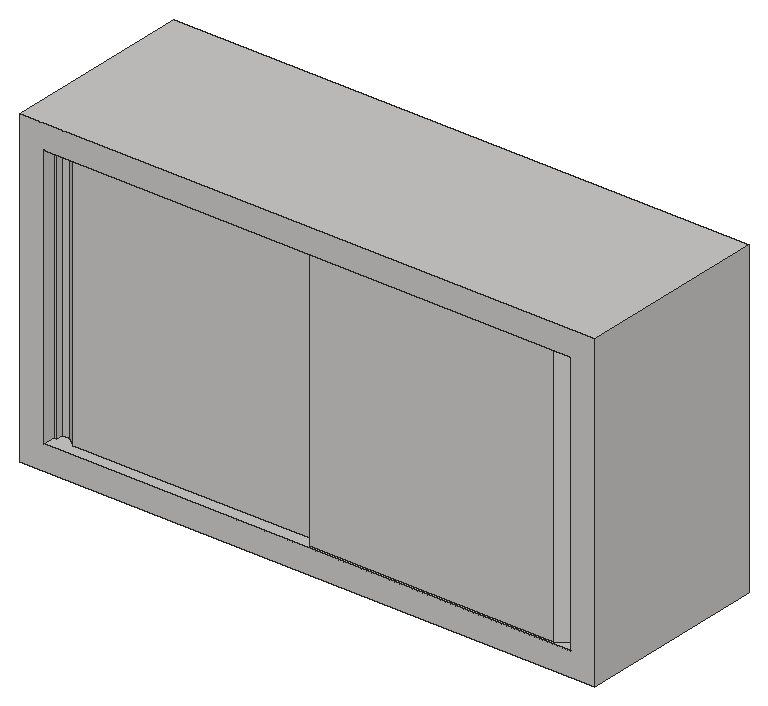
Revit family "QF_ELECTROLUXPROFESSIONAL_132831_PS1200LCN", category Specialty Equipment, Revit 2018
Family settings
  Round Connector Dimension = Use Diameter
  Part Type = Normal
  Work Plane-Based = No
  Always vertical = Yes
  Cut with Voids When Loaded = No
  Shared = No
  Room Calculation Point = No
Parameters
  Weight = 0.00 kg
  Watts = 0 W
  Volts = 0 V
  URL Manufacturer = ""
  Steam Supply Size = 0 mm
  Steam Supply Minimum Pressure = 0.0 Pa
  Steam Supply Maximum Pressure = 0.0 Pa
  Steam Pounds per Hour = 0
  Refrigeration Suction Line Size = 0 mm
  Refrigeration Liquid Line Size = 0 mm
  Refrigerant Compressor Remote = yes
  Phase = 0
  Length Actual = 0 mm
  Item Number = ""
  Hot Water Size = 0 mm
  Height Actual = 0 mm
  HP = ""
  Gas Size = 0 mm
  Gas KW = 0
  Gas Input Pressure = 0 W
  Direct Waste Size = 0 mm
  Depth Actual = 0 mm
  Cycle = 0 Hz
  Condensate Return Size = 0 mm
  Compressed Air Volume = 0.0 L/s
  Compressed Air Size = 0 mm
  Compressed Air Pressure = 0.0 Pa
  Cold Water Size = 0 mm
  Accessory = yes
Reference planes
  plane 1 "Center (Front/Back)": y = 0
  plane 2: z = 0
  plane 3 "Center (Left/Right)": x = 0
  plane 4: y = 200
  plane 5 "Left": x = -600
  plane 6 "Right": x = 600
  plane 7: y = -200
  plane 8: y = -154.5
  plane 9: z = 2200
  plane 10: z = 1550
  plane 11: y = 150
Forms (mm)
  Extrusion 1, solid, material "QF_Finishes_Stainless Steel"
    sketch origin (0, 0, 0) x (1, 0, 0) y (0, 1, 0)
      loop
        line (-600, 200) -> (-600, -200) -> (600, -200) -> (600, 200) -> (-600, 200)
    from 1550 to 2200
  Extrusion 2, void
    sketch origin (500, -154.5, 0) x (1, 0, 0) y (0, 0, -1)
      loop
        line (-1050, -2150) -> (50, -2150) -> (50, -1600) -> (-1050, -1600) -> (-1050, -2150)
    from -45.5 to 304.5
Cuts and joins
  Extrusion 2 cuts Extrusion 1
Lines and regions (mm)
  symbolic lines
    curve 1: line (-600, 200, 0) -> (600, 200, 0)
    curve 2: line (-600, -200, 0) -> (-600, 200, 0)
    curve 3: line (600, -200, 0) -> (-600, -200, 0)
    curve 4: line (600, 200, 0) -> (600, -200, 0)
    curve 5: line (-600, 200, 0) -> (600, -200, 0)
    curve 6: line (-600, -200, 0) -> (600, 200, 0)
Dimensions and locks
  equal spacing: plane 5 "Left", plane 3 "Center (Left/Right)", plane 6 "Right"
  equal spacing: plane 4, plane 1 "Center (Front/Back)", plane 7
  plane 8 to plane 7 = 45.5 mm
  plane 10 to level = 1550 mm
  plane 3 "Center (Left/Right)" to plane 6 "Right" = 600 mm
  plane 7 to plane 1 "Center (Front/Back)" = 200 mm
  locked: plane 4 to plane 11 at 50
  locked: cut or joined group of Extrusion 1, Extrusion 2 to plane 9 at 50
  locked: plane 5 "Left" to Extrusion 2 sketch curve at 50
  locked: plane 6 "Right" to Extrusion 2 sketch curve at 50
  plane 10 to nested 1 = 50 mm
  plane 9 to plane 10 = 650 mm
  aligned and locked: level to plane 2
  aligned and locked: plane 11 to Extrusion 2
  aligned and locked: cut or joined group of Extrusion 1, Extrusion 2 to nested 1  (x2)
  aligned and locked: Extrusion 1 to plane 10
  aligned and locked: plane 9 to Extrusion 1
  aligned and locked: nested 1 to cut or joined group of Extrusion 1, Extrusion 2  (x2)
Automatic sketch dimensions
  plane 5 "Left" to Extrusion 1 sketch curve = 0 mm
  Extrusion 1 sketch curve to plane 6 "Right" = 0 mm
  Extrusion 1 sketch curve to plane 4 = 0 mm
  Extrusion 2 sketch curve to plane 9 = 50 mm
  plane 10 to Extrusion 2 sketch curve = 50 mm
  Extrusion 1 sketch curve to plane 8 = 45.5 mm
  curve 1 to plane 4 = 0 mm
  curve 1 to plane 5 "Left" = 0 mm
  curve 6 to plane 6 "Right" = 0 mm
  curve 3 to plane 7 = 0 mm
Nested families
  nested 1: "Sliding Door" at (0, -154.5, 1875) x (-1, 0, 0) z (0, -1, 0), type "Sliding Door"
    with L 1100 mm, H 550 mm
Definition of nested family "Sliding Door"
  Parameters
    L [instance] = 468 mm
    H [instance] = 560 mm
    Default Elevation = 1219.2 mm
  Reference planes
    plane 1 "Centro (Fronte/Retro)": y = 0
    plane 2: z = 0
    plane 3 "Centro (Sinistra/Destra)": x = 0
    plane 4: y = 280
    plane 5: y = -280
    plane 6: x = 234
    plane 7: x = -234
  Forms (mm)
    Extrusion 1, solid
      sketch origin (0, 0, 0) x (1, 0, 0) y (0, 1, 0)
        loop
          line (-1219.2, 1219.2) -> (-1219.2, -1219.2) -> (1219.2, -1219.2) -> (1219.2, 1219.2) -> (-1219.2, 1219.2)
      from 0 to -304.8
    Extrusion 2, solid
      sketch origin (-234, 0, 20) x (-1, 0, 0) y (0, 0, -1)
        loop
          line (-234, 0) -> (-234, -20) -> (-39.641, -20) -> (-19.162, -5.661) -> (-5, -5.661) -> (-5, -20) -> (0, -20) -> (0, 0) -> (-234, 0)
      from -280 to 280
    Extrusion 3, solid
      sketch origin (234, 0, 0) x (1, 0, 0) y (0, 0, 1)
        loop
          line (-234, 0) -> (0, 0) -> (0, 20) -> (-5, 20) -> (-5, 5.661) -> (-19.162, 5.661) -> (-39.641, 20) -> (-234, 20) -> (-234, 0)
      from -280 to 280
  Dimensions and locks
    equal spacing: plane 4, plane 1 "Centro (Fronte/Retro)", plane 5
    "H": plane 4 to plane 5
    "L": plane 6 to plane 7
    locked: Extrusion 2 sketch curve to Extrusion 2 sketch curve at 5
    locked: Extrusion 2 sketch curve to Extrusion 2 sketch curve at 14.162
    locked: Extrusion 2 sketch curve to Extrusion 2 sketch curve at 39.641
    locked: Extrusion 3 sketch curve to Extrusion 3 sketch curve at 5
    locked: Extrusion 3 sketch curve to Extrusion 3 sketch curve at 14.162
    locked: Extrusion 3 sketch curve to Extrusion 3 sketch curve at 39.641
    equal spacing: plane 7, plane 3 "Centro (Sinistra/Destra)", plane 6
    aligned and locked: plane 2 to Extrusion 1
    aligned and locked: level to Extrusion 1
    aligned and locked: plane 4 to Extrusion 2
    aligned and locked: Extrusion 2 to plane 5
    aligned and locked: Extrusion 3 to plane 5
    aligned and locked: plane 4 to Extrusion 3
  Automatic sketch dimensions
    Extrusion 1 sketch curve to Extrusion 1 sketch curve = 2438.4 mm  (x2)
    Extrusion 2 sketch curve to plane 3 "Centro (Sinistra/Destra)" = 0 mm
    plane 7 to Extrusion 2 sketch curve = 0 mm
    Extrusion 2 sketch curve to Extrusion 2 sketch curve = 14.339 mm  (x2)
    Extrusion 3 sketch curve to plane 3 "Centro (Sinistra/Destra)" = 0 mm
    Extrusion 3 sketch curve to plane 6 = 0 mm
    Extrusion 3 sketch curve to Extrusion 3 sketch curve = 14.339 mm
    level to Extrusion 2 sketch curve = 40 mm
    Extrusion 2 sketch curve to Extrusion 2 sketch curve = 20 mm
    Extrusion 3 sketch curve to level = 0 mm
    level to Extrusion 3 sketch curve = 5.661 mm
    level to Extrusion 3 sketch curve = 20 mm
